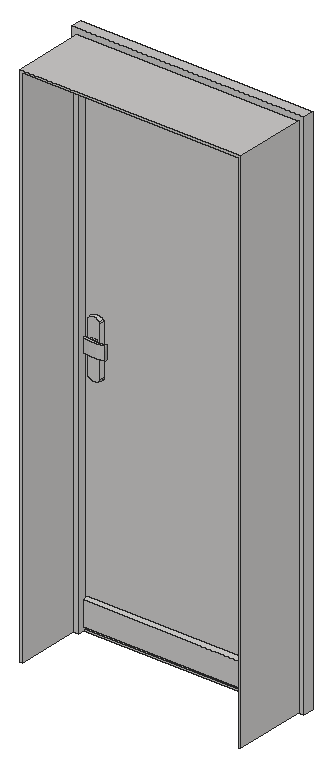
Revit family "Doorset_Porte palière FOXEO BN_ASSA ABLOY FR_Hardware 3D", category Portes, Revit 2018
Family settings
  Hôte = Mur
  Numéro OmniClass = 23.30.10.00
  Titre OmniClass = Doors
  Toujours verticalement = Oui
  Couper avec des vides une fois chargée = Non
  Partagée = Non
  Point de calcul de pièce = Non
Parameters (values of type "914x2198 mm (900 x 2200mm) - sur plaque")
  Uniclass 2.0 Description = "Doorsets"
  Uniclass 2.0 Code = "PR-59-23"
  Uniclass 1.4 Description = "Doors"
  Uniclass 1.4 Code = "JL20"
  URL = "https://www.fichet-serrurerie-batiment.com/be/fr/products/porte-paliere/foxeo-bn"
  Protection contre l'incendie = "EI130"  # constant formula
  Handle = Architectural Hardware_Poignée Artis palière_ASSA ABLOY FR_73490310 : Poignée Artis palière_73490310
  Construction analytique = "<Aucun>"
  Commentaires du type = "914x2198 mm (900 x 2200mm)"  # constant formula
  Epaisseur = 51 mm  # constant formula
  Structural Opening Width = if(Largeur > Maximum Door Width, Maximum Door Width + 20 mm, if(Largeur < Minimum Door Width, Minimum Door Width + 20 mm, Largeur + 20 mm))  # 920 mm
  Structural Opening Height = if(Hauteur > Maximum Door Height, Maximum Door Height + 10 mm, if(Hauteur < Minimum Door Height, Minimum Door Height + 10 mm, Hauteur + 10 mm))  # 2210 mm
  Largeur brute = Structural Opening Width  # 920 mm
  Hauteur brute = Structural Opening Height  # 2210 mm
  Provider = "ASSA ABLOY FR"  # constant formula
  Panel Width = Structural Opening Width - 6 mm  # 914 mm
  Panel Material = Metal - Assa Abloy - Steel
  Panel Height = Structural Opening Height - 12 mm  # 2198 mm
  OmniClass Title = "Doors"
  OmniClass Number = "23-17 11 00"
  Name = "Porte palière FOXEO BN"  # constant formula
  Modèle = "Doorset_Porte palière FOXEO BN_ASSA ABLOY FR_Hardware 3D"  # constant formula
  Minimum Door Width = 650 mm  # constant formula
  Minimum Door Height = 1925 mm  # constant formula
  Maximum Door Width = 1050 mm  # constant formula
  Maximum Door Height = 2325 mm  # constant formula
  Fabricant = "ASSA ABLOY"  # constant formula
  Lock Cases = "1x Cylindre ORIO_Mechanical locks_Fichet [AN.  73100431]"  # constant formula
  Note d'identification = "08100"
  Identity and Access Solutions = "1x Serrure Fichet 3 points _Identity and Access Solutions_FICHET [AN.  98606170]"  # constant formula
  IFC classification = "Door"
  Hardware Set = "SD-ML-MC-FI03"  # constant formula
  Handle Position = 50 mm  # constant formula
  Handle Height = 1100 mm  # constant formula
  Fonction = Intérieur
  Hauteur = 2200 mm
  Fermeture du mur = Par hôte
  Largeur = 900 mm
  Frame Width = Structural Opening Width - 20 mm  # 900 mm
  Frame Material = Metal - Assa Abloy - Steel
  Frame Height = Structural Opening Height - 10 mm  # 2200 mm
  Description = "Porte palière FICHET anti-effraction classe 3 selon EN 1627-1630 2011 et EI130 contre le feu\n"  # constant formula
  Contact Provider = "https://www.fichet-serrurerie-batiment.com/be/fr/contactez-nous"
  Clear Width = Structural Opening Width - 48 mm - 20 mm  # 852 mm
  Code d'assemblage = "C1020"
  Architectural Hardware = "1x Ensemble béquillage ARTIS sur plaque_Architectural hardware_Vachette [AN.  73490310]"
Types (2, lengths in mm): name | Handle | Contact Provider | Architectural Hardware
  914x2198 mm (900 x 2200mm) - sur plaque | Architectural Hardware_Poignée Artis palière_ASSA ABLOY FR_73490310 : Poignée Artis palière_73490310 | "https://www.fichet-serrurerie-batiment.com/be/fr/contactez-nous" | "1x Ensemble béquillage ARTIS sur plaque_Architectural hardware_Vachette [AN.  73490310]"
  914x2198 mm (900 x 2200mm) - sur rosace | Architectural Hardware_Poignée Artis palière_ASSA ABLOY FR_73490420 : Poignée Artis palière_73490420 | "http://www.assaabloy.fr/contactez-nous/" | "1x Ensemble béquillage ARTIS sur rosace_Architectural hardware_Vachette [AN. 73490420]"
Reference planes
  plane 1: y = 0
  plane 2 "Center (Left/Right)": x = 0
  plane 3 "Exterior": y = 150
  plane 4 "Interior": y = -150
  plane 5: x = 460
  plane 6: x = -460
  plane 7 "Structural": z = 2210
  plane 8: x = 450
  plane 9: x = -450
  plane 10: z = 2200
  plane 11: z = 1984
  plane 12: y = 99
  plane 13: z = 1100
  plane 14 "Panel": y = 1108.7
  plane 15: y = 1070
  plane 16: x = 416
  plane 17: x = -426
  plane 18: x = 426
  plane 19: y = 194.7
  plane 20 "EXT2": y = 208.5
  plane 21: x = -442.131
  plane 22: x = -484
  plane 23: x = 484
  plane 24: x = -306
  plane 25: x = 306
  plane 26: z = 251.279
  plane 27: z = 740.754
  plane 28: z = 860.754
  plane 29: z = 1060.754
  plane 30: z = 1180.754
  plane 31: z = 2056
  plane 32: x = -416
  plane 33: y = 115
  plane 34: y = 141.2
  plane 35: y = 1046.7
  plane 36: x = 375
  plane 37: x = 457
  plane 38: x = 470.8
  plane 39: z = 2176
  plane 40: z = 2234
  plane 41 "Handle Position": x = -376
  plane 42 "Handle Height": z = 1100
  plane 43: z = 24
  plane 44: y = 179.7
  plane 45: z = 2244
  plane 46 "Base": y = 146.5
Forms (mm)
  Sweep 1, solid, material "Metal - Assa Abloy - Steel" <- "Frame Material"
    path origin (0, 150, 0) x (1, 0, 0) y (0, 0, 1)
      loop
        line (-450, 0) -> (-450, 2200) -> (450, 2200) -> (450, 0)
    profile origin (450, 150, 1100) x (0, -1, 0) y (1, 0, 0)
      loop
        line (35, 0) -> (0, 0) -> (0, 34) -> (-44.7, 34) -> (-44.7, -24) -> (35, -24) -> (35, 0)
  Sweep 2, solid, material "Metal - Assa Abloy - Steel" <- "Panel Material"
    path origin (0, 150, 0) x (1, 0, 0) y (0, 0, 1)
      loop
        line (-426, 0) -> (426, 0)
    profile origin (0, 150, 0) x (0, 0, 1) y (0, -1, 0)
      loop
        line (2207, -44.7) -> (2176, -44.7) -> (2176, 3.5) -> (24, 3.5) -> (24, -29.7) -> (11.808, -29.7) -> (11.808, -44.7) -> (9, -44.7) -> (9, -58.5) -> (2207, -58.5) -> (2207, -44.7)
  Extrusion 3, solid, material "Metal - Assa Abloy - Steel" <- "Panel Material"
    sketch origin (0, 0, 0) x (1, 0, 0) y (0, 1, 0)
      loop
        line (-426, 208.5) -> (-457, 208.5) -> (-457, 194.7) -> (-426, 194.7) -> (-426, 208.5)
      loop
        line (426, 208.5) -> (426, 194.7) -> (457, 194.7) -> (457, 208.5) -> (426, 208.5)
    from 9 to 2207
  Sweep 4, solid, material "Metal - Assa Abloy - Steel" <- "Panel Material"
    path origin (-533.519, 208.5, 1200) x (-1, 0, 0) y (0, 0, 1)
      loop
        line (-949.519, -1176) -> (-117.519, -1176)
    profile origin (0, 208.5, 24) x (0, 0, 1) y (0, 1, 0)
      loop
        line (0, -62) -> (0, -82) -> (100, -82) -> (107.279, -62) -> (0, -62)
  Sweep 5, solid, material "Metal - Assa Abloy - Steel" <- "Frame Material"
    path origin (-476, 194.7, 1200) x (1, 0, 0) y (0, 0, 1)
      loop
        line (50, -1200) -> (902, -1200)
    profile origin (0, 194.7, 0) x (0, 0, 1) y (0, -1, 0)
      loop
        line (0, 0) -> (11.808, 0) -> (11.808, 11.3) -> (7, 53.5) -> (0, 53.5) -> (0, 0)
  Extrusion 6, solid, material "Metal - Assa Abloy - Steel" <- "Frame Material"
    sketch origin (-533.519, 208.5, 1200) x (-1, 0, 0) y (0, 0, 1)
      loop
        line (-73.519, 1010) -> (-993.519, 1010) -> (-993.519, -1200) -> (-983.519, -1200) -> (-983.519, 1000) -> (-83.519, 1000) -> (-83.519, -1200) -> (-73.519, -1200) -> (-73.519, 1010)
    from -358.5 to -58.5
Cuts and joins
  joined: Sweep 2, Extrusion 3
Lines and regions (mm)
  Opening 1
    outline origin (-5000, -150, 0) x (1, 0, 0) y (0, 0, 1)
      loop
        line (5460, 2210) -> (4540, 2210) -> (4540, 0) -> (5460, 0) -> (5460, 2210)
  Masking region 1
    outline origin (0, 0, 0) x (1, 0, 0) y (0, 1, 0)
      loop
        line (460, 150) -> (-460, 150) -> (-460, -150) -> (460, -150) -> (460, 150)
  Masking region 2, detail levels medium
    outline origin (0, 0, 0) x (1, 0, 0) y (0, 1, 0)
      loop
        line (-484, 194.7) -> (-484, 115) -> (-426, 115) -> (-426, 194.7) -> (-484, 194.7)
      loop
        line (484, 194.7) -> (426, 194.7) -> (426, 115) -> (484, 115) -> (484, 194.7)
  Masking region 3, detail levels fine
    outline origin (0, 0, 0) x (1, 0, 0) y (0, 1, 0)
      loop
        line (-484, 194.7) -> (-484, 150) -> (-450, 150) -> (-450, 115) -> (-426, 115) -> (-426, 194.7) -> (-484, 194.7)
      loop
        line (484, 194.7) -> (426, 194.7) -> (426, 115) -> (450, 115) -> (450, 150) -> (484, 150) -> (484, 194.7)
  Masking region 4, detail levels medium
    outline origin (0, 0, 0) x (1, 0, 0) y (0, 1, 0)
      loop
        line (426, 194.7) -> (426, 1046.7) -> (375, 1046.7) -> (375, 194.7) -> (426, 194.7)
  Masking region 5, detail levels coarse+medium
    outline origin (0, 0, 0) x (0, 1, 0) y (0, 0, 1)
      loop
        line (115, 2234) -> (115, 0) -> (194.7, 0) -> (194.7, 2234) -> (115, 2234)
  Masking region 6, detail levels fine
    outline origin (0, 0, 0) x (0, 1, 0) y (0, 0, 1)
      loop
        line (194.7, 2234) -> (150, 2234) -> (150, 2200) -> (115, 2200) -> (115, 0) -> (194.7, 0) -> (194.7, 9) -> (208.5, 9) -> (208.5, 2207) -> (194.7, 2207) -> (194.7, 2234)
  Masking region 7, detail levels fine
    outline origin (0, 0, 0) x (1, 0, 0) y (0, 1, 0)
      loop
        line (457, 194.7) -> (457, 1108.7) -> (443, 1108.7) -> (443, 1077.7) -> (395, 1077.7) -> (395, 225.7) -> (443, 225.7) -> (443, 194.7) -> (457, 194.7)
  symbolic lines, style "Elevation Swing"
    curve 1: line (450, -150, 2200) -> (-450, -150, 1100)
    curve 2: line (-450, -150, 1100) -> (450, -150, 0)
  symbolic lines, style "Doors", detail levels fine
    curve 3: line (-426, 194.7, 0) -> (426, 194.7, 0)
    curve 4: line (-426, 141.2, 0) -> (426, 141.2, 0)
  symbolic lines, style "Plan Swing", detail levels coarse
    curve 5: line (460, 150, 0) -> (460, 1070, 0)
    curve 6: arc (460, 1070, 0) -> (-190.538, 800.538, 0) -> (-460, 150, 0) r 920
  symbolic lines, style "Plan Swing", detail levels medium
    curve 7: arc (-426, 194.7, 0) -> (-176.455, 797.155, 0) -> (426, 1046.7, 0) r 852
  symbolic lines, style "Plan Swing", detail levels fine
    curve 8: arc (457, 1108.596, 0) -> (-180.356, 836.098, 0) -> (-443.2, 194.7, 0) r 914
  symbolic lines, style "Plan Swing", detail levels medium+fine
    curve 9: line (0, 194.7, 2176) -> (0, 115, 2176)
  symbolic lines, style "Plan Swing"
    curve 10: line (0, 115, 2200) -> (0, -150, 2200)
  symbolic lines, style "DoorsPanelProjection", detail levels fine
    curve 11: line (0, 146.5, 2176) -> (0, 146.5, 24)
    curve 12: line (0, 194.7, 2207) -> (0, 194.7, 2176)
    curve 13: line (0, 146.5, 24) -> (0, 179.7, 24)
    curve 14: line (0, 179.7, 24) -> (0, 179.7, 11.808)
    curve 15: line (0, 179.7, 11.808) -> (0, 194.7, 11.808)
    curve 16: line (0, 194.7, 11.808) -> (0, 194.7, 9)
Text (mm)
  text "Exterior" at (-2295.016, 1099.543, 0), in view "Ref. Level"
  text "Exterior" at (0, 1615.38, 3698.081), in view "Left"
  text "Exterior" at (0, 1036.032, 3874.932), in view "Right"
Dimensions and locks
  locked: plane 3 "Exterior" to host wall at 0
  locked: plane 4 "Interior" to host wall
  equal spacing: plane 6, plane 2 "Center (Left/Right)", plane 5
  locked: plane 8 to plane 5 at 10
  locked: plane 9 to plane 6 at 10
  "Epaisseur": plane 12 to plane 3 "Exterior"
  "Structural Opening Width": plane 3 "Exterior" to plane 15
  locked: plane 17 to plane 6 at 34
  locked: plane 18 to plane 5 at 34
  locked: plane 3 "Exterior" to plane 19 at 44.7
  locked: plane 19 to plane 20 "EXT2" at 13.8
  Sweep 2 sketch curve to Sweep 2 sketch curve to Sweep 2 sketch curve to level = 12.192 mm locked, 2.808 mm locked, 9 mm locked
  locked: Extrusion 3 sketch curve to plane 17 at 31
  locked: Sweep 2 sketch curve to plane 10 at 24
  locked: plane 10 to Sweep 2 sketch curve at 7
  locked: plane 17 to plane 22 at 58
  locked: plane 23 to plane 18 at 58
  locked: plane 24 to plane 17 at 120
  locked: plane 18 to plane 25 at 120
  plane 27 to plane 26 to level = 489.474 mm locked, 251.279 mm locked
  plane 30 to plane 29 to plane 28 to plane 27 = 120 mm locked, 200 mm locked, 120 mm locked
  locked: plane 7 "Structural" to plane 31 at 154
  locked: plane 24 to plane 32 at 110
  locked: plane 16 to plane 25 at 110
  locked: plane 33 to plane 19 at 79.7
  locked: plane 34 to plane 19 at 53.5
  "Structural Opening Width": plane 5 to plane 6
  "Clear Width": plane 19 to plane 35
  "Epaisseur": plane 36 to plane 18
  "Structural Opening Height": plane 7 "Structural" to level
  locked: plane 8 to plane 37 at 7
  locked: plane 37 to plane 38 at 13.8
  plane 7 "Structural" to plane 10 = 10 mm
  locked: plane 10 to plane 39 at 24
  equal spacing: plane 10, plane 13, level
  "Panel Width": plane 19 to plane 14 "Panel"
  locked: plane 40 to plane 7 "Structural" at 24
  locked: Masking region 6 sketch curve to level at 9
  locked: plane 7 "Structural" to Masking region 6 sketch curve at 3
  "Handle Position": plane 41 "Handle Position" to plane 17
  locked: plane 19 to Masking region 7 sketch curve at 31
  locked: plane 14 "Panel" to Masking region 7 sketch curve at 31
  Masking region 7 sketch curve to Masking region 7 sketch curve to plane 37 = 48 mm locked, 14 mm locked
  "Handle Height": plane 42 "Handle Height" to level
  locked: plane 43 to level at 24
  locked: plane 20 "EXT2" to plane 44 at 28.8
  locked: plane 46 "Base" to plane 3 "Exterior" at 3.5
  aligned and locked: plane 1 to host wall
  aligned and locked: plane 7 "Structural" to Opening 1 sketch curve
  aligned and locked: plane 5 to Opening 1 sketch curve
  aligned and locked: Opening 1 sketch curve to plane 6
  aligned and locked: level to Opening 1 sketch curve
  aligned and locked: Masking region 1 sketch curve to plane 3 "Exterior"
  aligned and locked: Masking region 1 sketch curve to plane 4 "Interior"
  aligned and locked: plane 6 to Masking region 1 sketch curve
  aligned and locked: Masking region 1 sketch curve to plane 5
  aligned and locked: plane 10 to Sweep 1 sketch curve
  aligned and locked: plane 9 to Sweep 1 sketch curve
  aligned and locked: plane 8 to Sweep 1 sketch curve
  aligned and locked: level to Sweep 1 sketch curve  (x2)
  aligned and locked: plane 17 to Sweep 2 sketch curve
  aligned and locked: plane 18 to Sweep 2 sketch curve
  aligned and locked: Sweep 2 sketch curve to level
  aligned and locked: Extrusion 3 sketch curve to plane 17
  aligned and locked: Extrusion 3 sketch curve to plane 20 "EXT2"
  aligned and locked: Extrusion 3 sketch curve to plane 19
  aligned and locked: Extrusion 3 sketch curve to plane 18
  aligned and locked: plane 20 "EXT2" to Extrusion 3 sketch curve
  aligned and locked: plane 19 to Extrusion 3 sketch curve
  aligned and locked: Sweep 2 to Extrusion 3
  aligned and locked: Extrusion 3 to Sweep 2
  aligned and locked: plane 32 to Sweep 4 sketch curve
  aligned and locked: plane 16 to Sweep 4 sketch curve
  aligned and locked: Masking region 2 to plane 33  (x2)
  aligned and locked: Sweep 1 to plane 19
  aligned and locked: Masking region 2 to plane 22
  aligned and locked: plane 17 to Sweep 1
  aligned and locked: Sweep 1 to plane 18
  aligned and locked: plane 23 to Masking region 2
  aligned and locked: Masking region 2 to plane 19  (x2)
  aligned and locked: Sweep 5 sketch curve to level
  aligned and locked: plane 17 to Sweep 5 sketch curve
  aligned and locked: plane 18 to Sweep 5 sketch curve
  aligned and locked: plane 19 to Masking region 3 sketch curve
  aligned and locked: plane 22 to Masking region 3 sketch curve
  aligned and locked: plane 33 to Masking region 3 sketch curve
  aligned and locked: Masking region 3 sketch curve to plane 17
  aligned and locked: Masking region 3 sketch curve to plane 19
  aligned and locked: Masking region 3 sketch curve to plane 18
  aligned and locked: Masking region 3 sketch curve to plane 33
  aligned and locked: Masking region 3 sketch curve to plane 3 "Exterior"
  aligned and locked: plane 23 to Masking region 3 sketch curve
  aligned and locked: plane 19 to curve 3
  aligned and locked: plane 17 to curve 3
  aligned and locked: plane 18 to curve 3
  aligned and locked: plane 17 to curve 4
  aligned and locked: plane 18 to curve 4
  aligned and locked: plane 34 to curve 4
  aligned and locked: plane 15 to curve 5
  aligned and locked: curve 5 to plane 5
  aligned and locked: plane 3 "Exterior" to curve 5
  aligned and locked: plane 3 "Exterior" to curve 6
  aligned and locked: plane 5 to curve 6
  aligned and locked: Masking region 4 sketch curve to plane 36
  aligned and locked: plane 19 to Masking region 4 sketch curve
  aligned and locked: plane 35 to Masking region 4 sketch curve
  aligned and locked: plane 18 to Masking region 4
  aligned and locked: plane 18 to curve 7
  aligned and locked: plane 19 to curve 7
  aligned and locked: Masking region 3 sketch curve to plane 9
  aligned and locked: plane 8 to Masking region 3 sketch curve
  aligned and locked: Masking region 5 sketch curve to plane 33
  aligned and locked: Masking region 5 sketch curve to level
  aligned and locked: plane 40 to Masking region 5 sketch curve
  aligned and locked: plane 33 to Masking region 6
  aligned and locked: Masking region 6 to plane 40
  aligned and locked: plane 19 to Masking region 6
  aligned and locked: Masking region 6 to plane 20 "EXT2"
  aligned and locked: level to Sweep 1
  aligned and locked: Sweep 1 to plane 33
  aligned and locked: plane 19 to curve 9
  aligned and locked: Sweep 1 to plane 39
  aligned and locked: plane 33 to curve 9
  aligned and locked: plane 10 to curve 10
  aligned and locked: plane 33 to curve 10
  aligned and locked: plane 4 "Interior" to curve 10
  aligned and locked: plane 33 to Sweep 1
  aligned and locked: Masking region 5 sketch curve to plane 19
  aligned and locked: Sweep 1 to plane 10
  aligned and locked: plane 3 "Exterior" to Sweep 1
  aligned and locked: plane 40 to Masking region 6 sketch curve
  aligned and locked: Masking region 6 sketch curve to plane 10
  aligned and locked: plane 3 "Exterior" to Masking region 6 sketch curve
  aligned and locked: plane 14 "Panel" to Masking region 7 sketch curve
  aligned and locked: plane 37 to Masking region 7 sketch curve
  aligned and locked: plane 39 to curve 11
  aligned and locked: plane 19 to curve 12
  aligned and locked: plane 39 to curve 12
  aligned and locked: Masking region 6 to curve 12
  aligned and locked: curve 13 to plane 43
  aligned and locked: plane 43 to curve 14
  aligned and locked: curve 14 to plane 44
  aligned and locked: cut or joined group of Sweep 2, Extrusion 3 to curve 14
  aligned and locked: curve 16 to plane 19
  aligned and locked: plane 7 "Structural" to Extrusion 6 sketch curve
  aligned and locked: Extrusion 6 sketch curve to plane 6
  aligned and locked: Extrusion 6 sketch curve to plane 5
  aligned and locked: level to Extrusion 6 sketch curve  (x4)
  aligned and locked: Extrusion 6 sketch curve to plane 9
  aligned and locked: Extrusion 6 sketch curve to plane 10
  aligned and locked: Extrusion 6 sketch curve to plane 8
  aligned and locked: plane 4 "Interior" to Extrusion 6
  aligned and locked: Extrusion 6 to plane 3 "Exterior"
  aligned and locked: plane 8 to curve 2
  aligned and locked: plane 9 to curve 2
  aligned and locked: plane 13 to curve 1
  aligned and locked: plane 8 to curve 1
  aligned and locked: plane 10 to curve 1
  aligned and locked: nested 1 to plane 20 "EXT2"
  aligned and locked: plane 41 "Handle Position" to nested 1
  aligned and locked: plane 42 "Handle Height" to nested 1
Automatic sketch dimensions
  plane 3 "Exterior" to Sweep 1 sketch curve = 0 mm
  Sweep 1 sketch curve to profile plane = 0 mm
  Sweep 1 sketch curve to plane 3 "Exterior" = 44.7 mm
  profile plane to Sweep 1 sketch curve = 24 mm
  Sweep 1 sketch curve to profile plane = 34 mm
  plane 3 "Exterior" to Sweep 1 sketch curve = 35 mm
  plane 3 "Exterior" to Sweep 2 sketch curve = 3.5 mm
  Sweep 2 sketch curve to plane 3 "Exterior" = 44.7 mm  (x2)
  Sweep 2 sketch curve to Sweep 2 sketch curve = 13.8 mm
  Sweep 2 sketch curve to Sweep 2 sketch curve = 15 mm
  plane 5 to Extrusion 3 sketch curve = 3 mm
  level to Sweep 4 sketch curve = 24 mm
  profile plane to Sweep 4 sketch curve = 0 mm
  Sweep 4 sketch curve to profile plane = 100 mm
  Sweep 4 sketch curve to plane 20 "EXT2" = 82 mm
  Sweep 4 sketch curve to Sweep 4 sketch curve = 7.279 mm
  Sweep 4 sketch curve to Sweep 4 sketch curve = 20 mm
  Masking region 2 sketch curve to plane 22 = 0 mm
  Masking region 2 sketch curve to plane 17 = 0 mm
  Masking region 2 sketch curve to plane 18 = 0 mm
  Masking region 2 sketch curve to plane 23 = 0 mm
  Masking region 2 sketch curve to plane 33 = 0 mm  (x2)
  plane 19 to Masking region 2 sketch curve = 0 mm  (x2)
  profile plane to Sweep 5 sketch curve = 0 mm
  Sweep 5 sketch curve to profile plane = 11.808 mm
  plane 19 to Sweep 5 sketch curve = 0 mm
  Sweep 5 sketch curve to Sweep 5 sketch curve = 53.5 mm
  Sweep 5 sketch curve to profile plane = 7 mm
  Sweep 5 sketch curve to Sweep 5 sketch curve = 11.3 mm
  Masking region 3 sketch curve to host wall = 0 mm
  Masking region 4 sketch curve to plane 18 = 0 mm
  Masking region 6 sketch curve to plane 33 = 0 mm
  Masking region 6 sketch curve to level = 0 mm
  Masking region 6 sketch curve to plane 19 = 0 mm  (x2)
  Masking region 6 sketch curve to plane 20 "EXT2" = 0 mm
  plane 19 to Masking region 7 sketch curve = 0 mm
  plane 8 to Masking region 7 sketch curve = 7 mm
  plane 19 to curve 8 = 0 mm
  curve 8 to plane 37 = 0 mm
  curve 8 to plane 38 = 0 mm
  plane 9 to curve 8 = 6.8 mm
  curve 11 to host wall = 3.5 mm
  curve 16 to curve 15 = 2.808 mm
  curve 2 to level = 0 mm
  curve 6 to host wall = 0 mm
Nested families
  nested 1: "Architectural Hardware_Poignée Artis palière_ASSA ABLOY FR_73490310" at (-376, 146.5, 1100) x (1, 0, 0) z (0, -1, 0), Largeur panneau <- "Frame Width", Distance poignee <- "Handle Position", type <- "Handle", type "Poignée Artis palière_73490310", detail levels fine
    with Largeur panneau 2D 869 mm, Largeur panneau 900 mm, Finition Metal - Assa Abloy - Steel, Epaisseur 62 mm, Distance poignee 50 mm, Decalage profondeur 2D 31 mm, Decalage largeur 2D 17 mm
Definition of nested family "Architectural Hardware_Poignée Artis palière_ASSA ABLOY FR_73490310"
  Parameters (values of type "Poignée Artis palière_73490310")
    Uniclass 2015 Name = ""
    Uniclass 2015 Code = ""
    Uniclass 2.0 Description = ""
    Uniclass 2.0 Code = ""
    Uniclass 1.4 Description = ""
    Uniclass 1.4 Code = ""
    URL = "https://www.fichet-serrurerie-batiment.com/be/fr/products/porte-paliere/foxeo-bn"
    UNSPSC Code = ""
    Reference Standards = ""
    Provider = "ASSA ABLOY FR"  # constant formula
    Product group = "Architectural Hardware"  # constant formula
    Product Range = "Architectural Hardware"  # constant formula
    Product Datasheet = ""
    OmniClass Description = ""
    OmniClass Code = ""
    Name = "Poignée Artis palière"  # constant formula
    NBS Reference Description = ""
    NBS Reference Code = ""
    Model = "Architectural Hardware_Poignée Artis palière_ASSA ABLOY FR_73490310"  # constant formula
    Largeur panneau 2D [instance] = Largeur panneau - Decalage profondeur 2D  # 869 mm
    Largeur panneau [instance] = 900 mm
    IFC Classification = ""
    Finition [instance] = none
    Manufacturer = "ASSA ABLOY"  # constant formula
    Environmental Product Declaration (EPD) = ""
    Distance poignee [instance] = 62 mm
    Epaisseur [instance] = 90 mm
    Default Elevation = 0 mm
    Description = "Béquille Artis palière de sécurité 4076/6330 chromé velours"  # constant formula
    Decalage profondeur 2D [instance] = 31 mm
    Decalage largeur 2D [instance] = 17 mm  # constant formula
    Contact Provider = "https://www.fichet-serrurerie-batiment.com/be/fr/contactez-nous"
    Type Comments = "Poignée Artis palière_73490310"  # constant formula
    Brand = "VACHETTE"  # constant formula
    Article Number = "73490310"  # constant formula
    Accessories = ""
  Reference planes
    plane 1 "Centre (avant/arrière)": y = 0
    plane 2: z = 0
    plane 3 "Centre (gauche/droite)": x = 0
    plane 4 "Arrière": z = -90
    plane 5: x = -62
    plane 6: x = 821
    plane 7: x = 731
    plane 8 "Centre G/E": z = -897
    plane 9 "Centre G/G": z = -959
    plane 10: x = 838
  Forms (mm)
    Extrusion 1, solid
      sketch origin (0, 0, 0) x (1, 0, 0) y (0, 1, 0)
        loop
          line (-1219.2, 1219.2) -> (-1219.2, -1219.2) -> (1219.2, -1219.2) -> (1219.2, 1219.2) -> (-1219.2, 1219.2)
      from 0 to -304.8
    Blend 2, solid, material <- "Finition", detail levels fine
      base sketch origin (0, 0, 0) x (1, 0, 0) y (0, 1, 0)
        loop
          arc (-28, -132.349) -> (-27.274, -136.091) -> (-25.2, -139.289) r 10
          arc (-25.2, -139.289) -> (0, -150) -> (25.2, -139.289) r 35
          arc (25.2, -139.289) -> (27.274, -136.091) -> (28, -132.349) r 10
          line (28, -132.349) -> (28, 77.349)
          arc (28, 77.349) -> (27.274, 81.091) -> (25.2, 84.289) r 10
          arc (25.2, 84.289) -> (0, 95) -> (-25.2, 84.289) r 35
          arc (-25.2, 84.289) -> (-27.274, 81.091) -> (-28, 77.349) r 10
          line (-28, 77.349) -> (-28, -132.349)
      top sketch origin (0, 0, 0) x (1, 0, 0) y (0, 1, 0)
        loop
          arc (23.04, 82.207) -> (0, 92) -> (-23.04, 82.207) r 32
          arc (-23.04, 82.207) -> (-24.492, 79.969) -> (-25, 77.349) r 7
          line (-25, 77.349) -> (-25, -132.349)
          arc (-25, -132.349) -> (-24.492, -134.969) -> (-23.04, -137.207) r 7
          arc (-23.04, -137.207) -> (0, -147) -> (23.04, -137.207) r 32
          arc (23.04, -137.207) -> (24.492, -134.969) -> (25, -132.349) r 7
          line (25, -132.349) -> (25, 77.349)
          arc (25, 77.349) -> (24.492, 79.969) -> (23.04, 82.207) r 7
      from 0 to 15
    Blend 3, solid, material <- "Finition", detail levels fine
      base sketch origin (0, 0, -90) x (-1, 0, 0) y (0, -1, 0)
        loop
          arc (28, 132.349) -> (27.274, 136.091) -> (25.2, 139.289) r 10
          arc (25.2, 139.289) -> (0, 150) -> (-25.2, 139.289) r 35
          arc (-25.2, 139.289) -> (-27.274, 136.091) -> (-28, 132.349) r 10
          line (-28, 132.349) -> (-28, -77.349)
          arc (-28, -77.349) -> (-27.274, -81.091) -> (-25.2, -84.289) r 10
          arc (-25.2, -84.289) -> (0, -95) -> (25.2, -84.289) r 35
          arc (25.2, -84.289) -> (27.274, -81.091) -> (28, -77.349) r 10
          line (28, -77.349) -> (28, 132.349)
      top sketch origin (0, 0, -90) x (-1, 0, 0) y (0, -1, 0)
        loop
          line (25, -77.349) -> (25, 132.349)
          arc (25, 132.349) -> (24.492, 134.969) -> (23.04, 137.207) r 7
          arc (23.04, 137.207) -> (0, 147) -> (-23.04, 137.207) r 32
          arc (-23.04, 137.207) -> (-24.492, 134.969) -> (-25, 132.349) r 7
          line (-25, 132.349) -> (-25, -77.349)
          arc (-25, -77.349) -> (-24.492, -79.969) -> (-23.04, -82.207) r 7
          arc (-23.04, -82.207) -> (0, -92) -> (23.04, -82.207) r 32
          arc (23.04, -82.207) -> (24.492, -79.969) -> (25, -77.349) r 7
      from 0 to -7
    Blend 4, solid, material <- "Finition", detail levels fine
      base sketch origin (0, 0, 0) x (1, 0, 0) y (0, 1, 0)
        loop
          arc (-11.909, 9.654) -> (-13, 0) -> (-11.909, -9.654) r 43.25
          arc (-11.909, -9.654) -> (-11.106, -11.106) -> (-9.654, -11.909) r 3
          arc (-9.654, -11.909) -> (0, -13) -> (9.654, -11.909) r 43.25
          arc (9.654, -11.909) -> (11.106, -11.106) -> (11.909, -9.654) r 3
          arc (11.909, -9.654) -> (13, 0) -> (11.909, 9.654) r 43.25
          arc (11.909, 9.654) -> (11.106, 11.106) -> (9.654, 11.909) r 3
          arc (9.654, 11.909) -> (0, 13) -> (-9.654, 11.909) r 43.25
          arc (-9.654, 11.909) -> (-11.106, 11.106) -> (-11.909, 9.654) r 3
      top sketch origin (0, 0, 0) x (1, 0, 0) y (0, 1, 0)
        loop
          arc (-9.208, 9.959) -> (-9.692, 9.692) -> (-9.959, 9.208) r 1
          arc (-9.959, 9.208) -> (-11, 0) -> (-9.959, -9.208) r 41.25
          arc (-9.959, -9.208) -> (-9.692, -9.692) -> (-9.208, -9.959) r 1
          arc (-9.208, -9.959) -> (0, -11) -> (9.208, -9.959) r 41.25
          arc (9.208, -9.959) -> (9.692, -9.692) -> (9.959, -9.208) r 1
          arc (9.959, -9.208) -> (11, 0) -> (9.959, 9.208) r 41.25
          arc (9.959, 9.208) -> (9.692, 9.692) -> (9.208, 9.959) r 1
          arc (9.208, 9.959) -> (0, 11) -> (-9.208, 9.959) r 41.25
      from 50 to 15
    Sweep 5, solid, material <- "Finition", detail levels fine
      path origin (0, 0, 0) x (1, 0, 0) y (0, 1, 0)
        loop
          line (0, 28) -> (0, -28)
      profile origin (0, 0, 0) x (1, 0, 0) y (0, 0, 1)
        loop
          arc (-12.813, 51.147) -> (-15.147, 47.187) -> (-11.187, 44.853) r 3.25
          arc (-11.187, 44.853) -> (30.5, 50.155) -> (72.187, 44.853) r 166.557
          arc (72.187, 44.853) -> (76.147, 47.187) -> (73.813, 51.147) r 3.25
          arc (73.813, 51.147) -> (30.5, 56.655) -> (-12.813, 51.147) r 173.057
    Extrusion 6, solid, material <- "Finition", detail levels fine
      sketch origin (0, 0, 0) x (1, 0, 0) y (0, 0, 1)
        loop
          line (118, -138.002) -> (115.838, -129.555)
          spline (115.838, -129.555) -> (101.162, -132.772) -> (86.084, -135.076) -> (70.891, -136.485) -> (55.867, -137.022) -> (42.297, -136.815) -> (31.81, -136.056) -> (23.989, -134.726) -> (18.452, -132.81) -> (14.816, -130.294) -> (12.701, -127.164) -> (11.722, -123.404) -> (11.5, -119)
          line (11.5, -119) -> (11.5, -97) -> (-11.5, -97)
          spline (-11.5, -97) -> (-11.311, -108.35) -> (-10.455, -118.206) -> (-8.42, -126.584) -> (-4.69, -133.503) -> (1.3, -138.982) -> (10.145, -143.04) -> (22.381, -145.695) -> (38.357, -146.964) -> (57.986, -146.854) -> (78.171, -145.322) -> (98.22, -142.369) -> (118, -138.002)
      from 11 to -11
  Lines and regions (mm)
    Masking region 1
      outline origin (0, 0, 0) x (1, 0, 0) y (0, 0, 1)
        loop
          line (731, -925) -> (731, -869) -> (716, -872) -> (716, -886.067) -> (681.795, -884.257)
          arc (681.795, -884.257) -> (681.29, -854.339) -> (686.147, -824.813) r 166.557
          arc (686.147, -824.813) -> (683.813, -820.853) -> (679.853, -823.187) r 3.25
          arc (679.853, -823.187) -> (674.345, -866.5) -> (679.853, -909.813) r 173.057
          arc (679.853, -909.813) -> (683.155, -912.246) -> (686.21, -909.51) r 3.25
          line (686.21, -909.51) -> (716, -907.933) -> (716, -922) -> (731, -925)
    Masking region 2
      outline origin (0, 0, 0) x (1, 0, 0) y (0, 0, 1)
        loop
          line (821, -869) -> (821, -925) -> (828, -922) -> (828, -908.5)
          spline (828, -908.5) -> (839.35, -908.311) -> (849.206, -907.455) -> (857.584, -905.42) -> (864.503, -901.69) -> (869.981, -895.7) -> (874.04, -886.855) -> (876.695, -874.619) -> (877.964, -858.643) -> (877.854, -839.014) -> (876.322, -818.829) -> (873.368, -798.78) -> (869.002, -779)
          line (869.002, -779) -> (860.553, -781.176)
          spline (860.553, -781.176) -> (863.77, -795.851) -> (866.073, -810.926) -> (867.483, -826.117) -> (868.019, -841.139) -> (867.813, -854.707) -> (867.054, -865.192) -> (865.724, -873.012) -> (863.808, -878.549) -> (861.293, -882.184) -> (858.162, -884.3) -> (854.403, -885.278) -> (850, -885.5)
          line (850, -885.5) -> (828, -885.5) -> (828, -872) -> (821, -869)
    symbolic lines, detail levels fine
      curve 1: line (828, 0, -885.5) -> (828, 0, -908.5)
      curve 3: line (716, 0, -907.933) -> (716, 0, -886.067)
    symbolic lines
      curve 2: arc (686.21, 0, -909.51) -> (683.477, 0, -896.975) -> (681.795, 0, -884.257) r 154.393
  Dimensions and locks
    "Epaisseur": plane 2 to plane 4 "Arrière"
    "Largeur panneau": plane 10 to plane 5
    "Epaisseur": plane 6 to plane 7
    "Distance poignee": plane 3 "Centre (gauche/droite)" to plane 5
    "Largeur panneau 2D": plane 4 "Arrière" to plane 9 "Centre G/G"
    "Distance poignee": plane 8 "Centre G/E" to plane 9 "Centre G/G"
    "Decalage largeur 2D": plane 10 to plane 6
    aligned and locked: plane 2 to Extrusion 1
    aligned and locked: level to Extrusion 1
  Automatic sketch dimensions
    Extrusion 1 sketch curve to Extrusion 1 sketch curve = 2438.4 mm  (x2)
    Sweep 5 sketch curve to Sweep 5 sketch curve = 0 mm  (x5)
    profile plane to Sweep 5 sketch curve = 12 mm
    Sweep 5 sketch curve to profile plane = 30.5 mm
    Sweep 5 sketch curve to profile plane = 73 mm
    Sweep 5 sketch curve to profile plane = 116.402 mm
    profile plane to Sweep 5 sketch curve = 48 mm  (x2)
    Sweep 5 sketch curve to Sweep 5 sketch curve = 0.813 mm
    Blend 3 sketch curve to plane 3 "Centre (gauche/droite)" = 0 mm  (x4)
    plane 3 "Centre (gauche/droite)" to Blend 3 sketch curve = 18 mm  (x4)
    Blend 3 sketch curve to Blend 3 sketch curve = 10 mm  (x2)
    Blend 3 sketch curve to plane 3 "Centre (gauche/droite)" = 18 mm  (x4)
    Blend 3 sketch curve to plane 1 "Centre (avant/arrière)" = 77.349 mm  (x2)
    Blend 3 sketch curve to Blend 3 sketch curve = 0 mm  (x6)
    Blend 3 sketch curve to Blend 3 sketch curve = 17.349 mm  (x6)
    plane 1 "Centre (avant/arrière)" to Blend 3 sketch curve = 115 mm  (x2)
    Blend 3 sketch curve to Blend 3 sketch curve = 7 mm  (x2)
    Blend 2 sketch curve to plane 3 "Centre (gauche/droite)" = 0 mm  (x4)
    Blend 2 sketch curve to plane 3 "Centre (gauche/droite)" = 18 mm  (x4)
    Blend 2 sketch curve to Blend 2 sketch curve = 10 mm  (x2)
    plane 3 "Centre (gauche/droite)" to Blend 2 sketch curve = 18 mm  (x4)
    plane 1 "Centre (avant/arrière)" to Blend 2 sketch curve = 132.349 mm  (x2)
    Blend 2 sketch curve to Blend 2 sketch curve = 0 mm  (x6)
    Blend 2 sketch curve to Blend 2 sketch curve = 17.349 mm  (x6)
    Blend 2 sketch curve to plane 1 "Centre (avant/arrière)" = 60 mm  (x2)
    Blend 2 sketch curve to Blend 2 sketch curve = 7 mm  (x2)
    plane 1 "Centre (avant/arrière)" to Blend 4 sketch curve = 0 mm  (x4)
    Blend 4 sketch curve to plane 3 "Centre (gauche/droite)" = 0 mm  (x4)
    Blend 4 sketch curve to plane 3 "Centre (gauche/droite)" = 8.984 mm  (x4)
    Blend 4 sketch curve to Blend 4 sketch curve = 21.266 mm  (x8)
    plane 3 "Centre (gauche/droite)" to Blend 4 sketch curve = 8.984 mm  (x4)
    plane 1 "Centre (avant/arrière)" to Blend 4 sketch curve = 8.984 mm  (x4)
    Blend 4 sketch curve to plane 1 "Centre (avant/arrière)" = 8.984 mm  (x4)
    Blend 4 sketch curve to Blend 4 sketch curve = 0.67 mm  (x2)
    Blend 4 sketch curve to Blend 4 sketch curve = 0 mm  (x12)
    Blend 4 sketch curve to Blend 4 sketch curve = 0.223 mm  (x2)
    Sweep 5 sketch curve to plane 3 "Centre (gauche/droite)" = 0 mm
    plane 1 "Centre (avant/arrière)" to Sweep 5 sketch curve = 28 mm
    Sweep 5 sketch curve to plane 1 "Centre (avant/arrière)" = 28 mm
    plane 7 to Masking region 1 sketch curve = 0 mm
    Masking region 1 sketch curve to plane 8 "Centre G/E" = 28 mm
    Masking region 1 sketch curve to Masking region 1 sketch curve = 56 mm
    Masking region 1 sketch curve to Masking region 1 sketch curve = 15 mm
    Masking region 1 sketch curve to Masking region 1 sketch curve = 3 mm  (x2)
    Masking region 1 sketch curve to plane 7 = 44.79 mm
    Masking region 1 sketch curve to Masking region 1 sketch curve = 12.49 mm
    Masking region 1 sketch curve to Masking region 1 sketch curve = 2.5 mm
    Masking region 1 sketch curve to plane 7 = 44.853 mm
    Masking region 1 sketch curve to plane 7 = 49.205 mm
    Masking region 1 sketch curve to Masking region 1 sketch curve = 14.067 mm  (x2)
    Masking region 1 sketch curve to Masking region 1 sketch curve = 0 mm  (x5)
    Masking region 1 sketch curve to Masking region 1 sketch curve = 3.21 mm
    Masking region 1 sketch curve to Masking region 1 sketch curve = 0.51 mm
    Masking region 1 sketch curve to Masking region 1 sketch curve = 6.293 mm
    Masking region 1 sketch curve to Masking region 1 sketch curve = 3.147 mm
    Masking region 1 sketch curve to Masking region 1 sketch curve = 24.743 mm
    plane 6 to curve 2 = 14.564 mm
    plane 8 "Centre G/E" to curve 2 = 26.615 mm
    plane 6 to curve 1 = 7 mm
    curve 2 to plane 8 "Centre G/E" = 12.51 mm
    plane 8 "Centre G/E" to curve 2 = 12.743 mm
    plane 8 "Centre G/E" to curve 1 = 11.5 mm
    curve 1 to plane 8 "Centre G/E" = 11.5 mm
    Extrusion 6 sketch curve to plane 3 "Centre (gauche/droite)" = 11.5 mm
    plane 3 "Centre (gauche/droite)" to Extrusion 6 sketch curve = 11.5 mm
    Extrusion 6 sketch curve to plane 4 "Arrière" = 39.555 mm
    Extrusion 6 sketch curve to Extrusion 6 sketch curve = 104.338 mm
    Extrusion 6 sketch curve to plane 4 "Arrière" = 48.002 mm
    Extrusion 6 sketch curve to Extrusion 6 sketch curve = 2.162 mm
    Extrusion 6 sketch curve to plane 4 "Arrière" = 7 mm
    Extrusion 6 sketch curve to Extrusion 6 sketch curve = 22 mm
    Masking region 2 sketch curve to plane 6 = 0 mm
    plane 6 to Masking region 2 sketch curve = 7 mm  (x2)
    plane 6 to Masking region 2 sketch curve = 39.553 mm
    Masking region 2 sketch curve to Masking region 2 sketch curve = 8.448 mm
    Masking region 2 sketch curve to plane 8 "Centre G/E" = 28 mm
    Masking region 2 sketch curve to Masking region 2 sketch curve = 3 mm  (x2)
    Masking region 2 sketch curve to plane 8 "Centre G/E" = 11.5 mm
    plane 8 "Centre G/E" to Masking region 2 sketch curve = 11.5 mm
    Masking region 2 sketch curve to Masking region 2 sketch curve = 13.5 mm
    Masking region 2 sketch curve to Masking region 2 sketch curve = 87.824 mm
    Masking region 2 sketch curve to Masking region 2 sketch curve = 2.177 mm
    Masking region 2 sketch curve to Masking region 2 sketch curve = 22 mm
    curve 3 to plane 7 = 15 mm
    curve 2 to curve 3 = 29.79 mm
    curve 3 to plane 8 "Centre G/E" = 10.933 mm
    plane 8 "Centre G/E" to curve 3 = 10.933 mm
